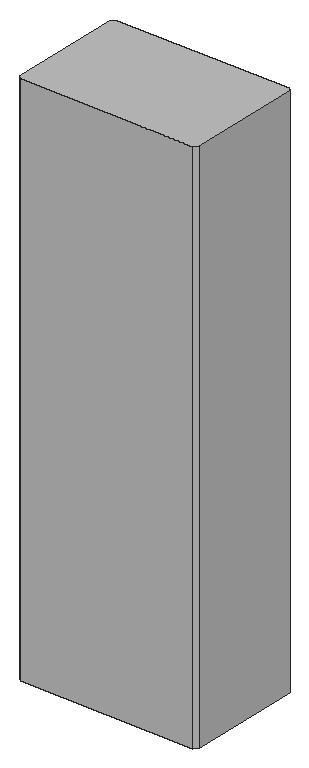
Revit family "MCC_Concrete-Rectangular-Column", category Structural Columns, Revit 2014
Parameters (values of type "38x50 COL")
  Structural Material [instance] = (empty or 0)
  Elevation at Top [instance] = 9' - 0"
  Dim Viz [instance] = yes
  Dim Flip [instance] = yes
  Dim Distance [instance] = 0' - 2"
  Dim 2 [instance] = and(Dim Flip, (Dim Viz))  # yes
  Dim [instance] = and(not(Dim Flip), (Dim Viz))  # no
  Column Width = 3' - 0"
  Column Length = 2' - 0"
  Column Height [instance] = 9' - 0"
  Col W [instance] = Column Width / 0' 1"  # 36
  Col L [instance] = Column Length / 0' 1"  # 24
Types (17): name | Dim Distance | Column Width | Column Length | Col W | Col L
  38x50 COL | 0' - 2" | 3' - 0" | 2' - 0" | 36 | 24
  32x36 COL | 0' - 1" | 2' - 8" | 3' - 0" | 32 | 36
  24x28 COL | 0' - 1" | 2' - 0" | 2' - 4" | 24 | 28
  20x48 COL | 0' - 1" | 1' - 8" | 4' - 0" | 20 | 48
  32x56 COL | 0' - 1" | 2' - 8" | 4' - 8" | 32 | 56
  36x48 COL | 0' - 1" | 3' - 0" | 4' - 0" | 36 | 48
  18x24 COL | 0' - 1" | 2' - 0" | 1' - 6" | 24 | 18
  24x42 COL | 0' - 1" | 2' - 0" | 3' - 6" | 24 | 42
  26x32 COL | 0' - 1" | 2' - 2" | 2' - 8" | 26 | 32
  18x30 COL | 0' - 1" | 1' - 6" | 2' - 6" | 18 | 30
  30x42 COL | 0' - 1" | 2' - 6" | 3' - 6" | 30 | 42
  24x48 COL | 0' - 1" | 2' - 0" | 4' - 0" | 24 | 48
  12x40 COL | 0' - 1" | 1' - 0" | 3' - 4" | 12 | 40
  16x48 COL | 0' - 1" | 1' - 4" | 4' - 0" | 16 | 48
  32x50 Col. | 0' - 1" | 2' - 8" | 4' - 2" | 32 | 50
  44x56 Col | 0' - 1" | 3' - 8" | 4' - 8" | 44 | 56
  26x38 COL | 0' - 1" | 3' - 2" | 2' - 2" | 38 | 26
Reference planes (in)
  plane 1 "Center (Front/Back)": y = 0
  plane 2: z = 0
  plane 3 "Center (Left/Right)": x = 0
  plane 4 "Left": x = -18
  plane 5 "Right": x = 18
  plane 6 "Back": y = 12
  plane 7 "Front": y = -12
  plane 8: y = 11.25
  plane 9: x = -17.25
  plane 10: y = -11.25
  plane 11: x = 17.25
  plane 12: y = 14
  plane 13: x = -20
  plane 14: x = 20
Forms (in)
  Extrusion 1, solid, detail levels coarse
    sketch origin (0, 0, 0) x (1, 0, 0) y (0, 1, 0)
      loop
        line (-18, -12) -> (18, -12) -> (18, 12) -> (-18, 12) -> (-18, -12)
    from 0 to 108
  Extrusion 2, solid, detail levels medium+fine
    sketch origin (0, 0, 0) x (1, 0, 0) y (0, 1, 0)
      loop
        line (-18, -11.25) -> (-17.25, -12) -> (17.25, -12) -> (18, -11.25) -> (18, 11.25) -> (17.25, 12) -> (-17.25, 12) -> (-18, 11.25) -> (-18, -11.25)
    from 0 to 108 <- "Elevation at Top"
Dimensions and locks (in)
  equal spacing: plane 4 "Left", plane 3 "Center (Left/Right)", plane 5 "Right"
  equal spacing: plane 7 "Front", plane 1 "Center (Front/Back)", plane 6 "Back"
  "Column Height": level to level
  "Column Width": plane 4 "Left" to plane 5 "Right"
  "Column Length": plane 7 "Front" to plane 6 "Back"
  locked: plane 4 "Left" to plane 9 at 0.75
  locked: plane 11 to plane 5 "Right" at 0.75
  locked: plane 8 to plane 6 "Back" at 0.75
  locked: plane 7 "Front" to plane 10 at 0.75
  "Dim Distance": plane 6 "Back" to plane 12
  "Dim Distance": plane 13 to plane 4 "Left"
  "Dim Distance": plane 5 "Right" to plane 14
  aligned and locked: level to plane 2
  aligned and locked: Extrusion 1 sketch curve to plane 4 "Left"
  aligned and locked: Extrusion 1 sketch curve to plane 7 "Front"
  aligned and locked: Extrusion 1 sketch curve to plane 5 "Right"
  aligned and locked: Extrusion 1 sketch curve to plane 6 "Back"
  aligned and locked: level to Extrusion 1
  aligned and locked: Extrusion 1 to level
  aligned and locked: Extrusion 2 sketch curve to plane 4 "Left"
  aligned and locked: Extrusion 2 sketch curve to plane 6 "Back"
  aligned and locked: Extrusion 2 sketch curve to plane 5 "Right"
  aligned and locked: Extrusion 2 sketch curve to plane 7 "Front"
  aligned and locked: Extrusion 2 to level
  aligned and locked: level to Extrusion 2
  aligned and locked: Extrusion 2 to plane 2
  aligned and locked: Extrusion 1 to plane 2
  aligned and locked: plane 3 "Center (Left/Right)" to nested 1
  aligned and locked: nested 2 to plane 1 "Center (Front/Back)"
  aligned and locked: plane 12 to nested 1
  aligned and locked: nested 2 to plane 13
  aligned and locked: plane 1 "Center (Front/Back)" to nested 3
  aligned and locked: plane 14 to nested 3
Automatic sketch dimensions
  Extrusion 2 sketch curve to plane 9 = 0' - 0"  (x2)
  Extrusion 2 sketch curve to plane 11 = 0' - 0"  (x2)
  plane 10 to Extrusion 2 sketch curve = 0' - 0"  (x2)
  plane 8 to Extrusion 2 sketch curve = 0' - 0"  (x2)
Nested families (in)
  nested 1: "MCC_Col Dim" at (0, 14, 0), Number <- "Col W", visible <- "Dim Viz", type "MCC_Col Dim", detail levels coarse+medium
    with Number 36, Label ""
  nested 2: "MCC_Col Dim" at (-20, 0, 0) x (0, 1, 0) z (0, 0, 1), Number <- "Col L", visible <- "Dim 2", type "MCC_Col Dim", detail levels coarse+medium
    with Number 24, Label ""
  nested 3: "MCC_Col Dim" at (20, 0, 0) x (0, -1, 0) z (0, 0, 1), Number <- "Col L", visible <- "Dim", type "MCC_Col Dim", detail levels coarse+medium
    with Number 24, Label ""
Definition of nested family "MCC_Col Dim"
  Parameters (values of type "MCC_Col Dim")
    Number [instance] = 0
    Label [instance] = ""
  Reference planes (in)
    plane 1: y = 0
    plane 2: x = 0
  Lines and regions (in)
    detail lines, style "InvisibleLines"
      curve 1: line (0, 0.00781, 0) -> (0, -0.00781, 0)
      curve 2: line (0.00781, 0, 0) -> (-0.00781, 0, 0)
  Text (in)
    label "Number" at (0.00375, -0.0243, 0), shows "Number"
  Dimensions and locks (in)
    aligned and locked: curve 1 to plane 2
    aligned and locked: curve 2 to plane 1
